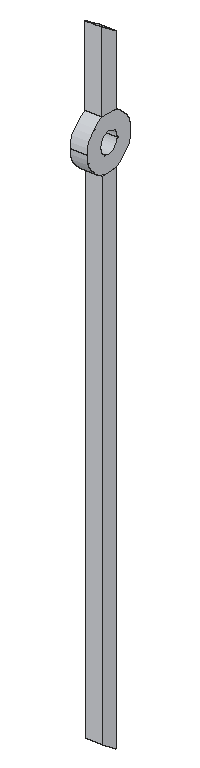
Revit family
Parameters (values of type "20mm")
  built-in parameter 1008623 [instance] = 32.47°
  built-in parameter 1008625 [instance] = (empty or 0)
  Post = no
  built-in parameter 1008624 [instance] = 32.47°
  Width = 20 mm
  Baluster Material = none
  built-in parameter 1008622 [instance] = 762 mm
Types (3, lengths in mm): name | Width
  (no name) | 20
  25mm | 25
  20mm | 20
Reference planes
  plane 1 "Center F/B": y = 0
  plane 2: z = 0
  plane 3 "Center L/R": x = 0
  plane 4 "Top": z = 762
  plane 5 "Top Angle Cut": through (0, 345.134, 542.379) normal (0, -0.5369, -0.8437)
  plane 6: z = 862
  plane 7: z = 609.6
  plane 8: z = 673.1
  plane 9: z = 641.35
  plane 10: z = -100
  plane 11 "Bottom Angle Cut": through (0, 0, 0) normal (0, -0.5369, -0.8437)
  plane 12: y = 50
  plane 13: x = 50
  plane 14: y = -50
  plane 15: x = -50
Forms (mm)
  Extrusion 1, solid, material <- "Baluster Material"
    sketch origin (0, 0, 0) x (1, 0, 0) y (0, 1, 0)
      loop
        line (-10, 10) -> (-10, -10) -> (10, -10) -> (10, 10) -> (-10, 10)
    from 673.1 to 862
  Extrusion 2, void
    sketch origin (0, 0, 0) x (0, 1, 0) y (0, 0, 1)
      loop
        line (-50, 862) -> (-50, 793.817) -> (50, 730.183) -> (50, 862) -> (-50, 862)
    from -50 to 50
  Extrusion 3, solid, material <- "Baluster Material"
    sketch origin (0, 0, 0) x (1, 0, 0) y (0, 1, 0)
      loop
        line (-9.525, 10.475) -> (-9.525, -9.525) -> (10.475, -9.525) -> (10.475, 10.475) -> (-9.525, 10.475)
    from -100 to 609.6
  Extrusion 4, solid, material <- "Baluster Material"
    sketch origin (0, 0, 0) x (0, 1, 0) y (0, 0, 1)
      loop
        circle (0, 641.35) r 31.75
      loop
        circle (0, 641.35) r 12.7
    from -10 to 10
  Extrusion 5, void
    sketch origin (0, 0, 0) x (0, 1, 0) y (0, 0, 1)
      loop
        line (-50, -100) -> (50, -100) -> (50, -31.817) -> (-50, 31.817) -> (-50, -100)
    from -50 to 50
Cuts and joins
  Extrusion 2, Extrusion 5 cuts Extrusion 1
  Extrusion 5 cuts Extrusion 3
  Extrusion 5 cuts Extrusion 4
Dimensions and locks
  "built-in parameter 1008622": plane 2 to plane 4 "Top"
  locked: plane 4 "Top" to plane 6 at 100
  equal spacing: Extrusion 1 sketch curve, plane 3 "Center L/R", Extrusion 1 sketch curve
  equal spacing: Extrusion 1 sketch curve, plane 1 "Center F/B", Extrusion 1 sketch curve
  "Width": Extrusion 1 sketch curve to Extrusion 1 sketch curve  (x2)
  Extrusion 3 sketch curve to Extrusion 3 sketch curve = 20 mm  (x2)
  "Width": Extrusion 3 sketch curve to Extrusion 3 sketch curve  (x2)
  locked: plane 7 to plane 8 at 63.5
  equal spacing: plane 7, plane 9, plane 8
  locked: level to plane 10 at 100
  locked: plane 7 to plane 4 "Top" at 152.4
  locked: plane 15 to plane 3 "Center L/R" at 50
  locked: plane 3 "Center L/R" to plane 13 at 50
  locked: plane 1 "Center F/B" to plane 12 at 50
  locked: plane 14 to plane 1 "Center F/B" at 50
  "built-in parameter 1008623": angle plane 4 "Top" to plane 5 "Top Angle Cut"
  "built-in parameter 1008624": angle level to plane 11 "Bottom Angle Cut"
  aligned and locked: Extrusion 1 to plane 6
  aligned and locked: Extrusion 3 to plane 7
  aligned and locked: plane 8 to Extrusion 1
  aligned and locked: Extrusion 4 to cut or joined group of Extrusion 1, Extrusion 2, Extrusion 5  (x2)
  aligned and locked: plane 10 to Extrusion 3
  aligned and locked: plane 15 to Extrusion 2
  aligned and locked: Extrusion 2 to plane 13
  aligned and locked: plane 12 to Extrusion 2 sketch curve
  aligned and locked: plane 14 to Extrusion 2 sketch curve
  aligned and locked: plane 6 to Extrusion 2 sketch curve
  aligned and locked: Extrusion 2 sketch curve to plane 5 "Top Angle Cut"
  aligned and locked: plane 10 to Extrusion 5 sketch curve
  aligned and locked: plane 14 to Extrusion 5 sketch curve
  aligned and locked: Extrusion 5 sketch curve to plane 12
  aligned and locked: Extrusion 5 sketch curve to plane 11 "Bottom Angle Cut"
  aligned and locked: plane 15 to Extrusion 5
  aligned and locked: Extrusion 5 to plane 13
Automatic sketch dimensions
  Extrusion 3 sketch curve to plane 3 "Center L/R" = 9.525 mm
  plane 1 "Center F/B" to Extrusion 3 sketch curve = 9.525 mm
  Extrusion 4 sketch curve to plane 9 = 0 mm  (x2)
  Extrusion 4 sketch curve to plane 1 "Center F/B" = 0 mm  (x2)
  plane 1 "Center F/B" to Extrusion 4 sketch curve = 12.7 mm
  Extrusion 4 sketch curve to Extrusion 4 sketch curve = 19.05 mm
